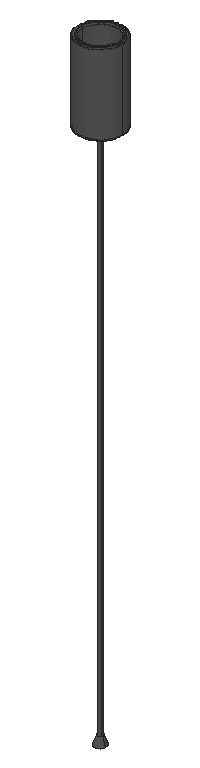
Revit family "CARLO CYLINDER LIGHT Pendant_ Surface", category Lighting Fixtures, host Face, Revit 2020 (continued)
Types (13): name | Wattage_Input | Wattage Comments | Wattage | built-in parameter 1150134 | Size 08 | Size 04 | Photometric Web File | built-in parameter 1150142 | Model | built-in parameter 1150105 | Lumens | built-in parameter 1150107 | built-in parameter 1150106 | Fixture Height | Fixture Diameter | BEAMING ANGLE | Apparent Load
    840.13 842.78 845.27 847.32 848.99 850.19 850.97 851.34 \r\n 849.27 \r\n2.1273 851.43 851.05 850.19 848.9 847.22 845.23 842.99 840.56 838.16 \r\n 835.39 831.76 827.84 824.21 820.32 815.71 810.63 805.11 799.3 793.34 \r\n 787.2 780.9 774.4 767.63 760.61 753.27 745.68 737.89 729.85 721.57 \r\n 712.92 703.62 694.15 685.11 675.81 665.55 654.93 644.37 633.67 622.84 \r\n 611.65 599.71 587.51 575.57 563.42 550.63 537.67 524.58 512.27 502.19 \r\n 492.84 483.06 473.24 463.21 453.58 445.17 437.11 428.67 420.25 412.07 \r\n 403.98 395.84 387.77 379.96 372.03 363.68 354.92 345.96 335.97 324.12 \r\n 310.55 295.09 277.77 258.13 237.54 217.37 197.07 176.31 155.79 136.09 \r\n 117.16 99.132 81.995 65.313 50.461 38.764 29.945 24.67 21.443 19.061 \r\n 17.32 15.525 13.945 12.621 11.547 10.767 10.169 9.6674 9.2287 8.7755 \r\n 8.35 7.9741 7.6307 7.3131 7.0113 6.7095 6.4176 6.1378 5.8764 5.6468 \r\n 5.429 5.2053 4.9822 4.7575 4.5399 4.3399 4.1489 3.9604 3.7776 3.6032 \r\n 3.4318 3.2567 3.0847 2.9179 2.7648 2.6442 2.5274 2.3834 2.2373 2.1055 \r\n 1.9822 1.87 1.7607 1.6436 1.5297 1.4273 1.3343 1.253 1.179 1.1109 \r\n 1.0418 0.9603 0.88301 0.82741 0.77961 0.7311 0.68331 0.63533 0.58574 0.52927 \r\n 0.47651 0.44062 0.40857 0.36893 0.32995 0.29586 0.26727 0.25096 0.23269 0.19232 \r\n 0.15433 0.14289 0.13884 0.13335 0.11958 0.079871 0.037838 0.01381 0 0 \r\n 0 0 0 0 0 0 0 0 0 0 \r\n 0 0 0 0 0 0 0 0 0.00012483 0.0064698 \r\n 0.013614 0.015356 0.020135 0.034399 0.05792 0.099347 0.13849 0.15186 0.15801 0.16602 \r\n 0.1808 0.21723 0.25452 0.26976 0.28422 0.31475 0.35165 0.39236 0.4323 0.46117 \r\n 0.49361 0.54591 0.60271 0.65228 0.69999 0.74662 0.79427 0.84307 0.89975 0.97666 \r\n 1.0572 1.1258 1.1951 1.2727 1.3586 1.4569 1.5644 1.6819 1.8023 1.9154 \r\n 2.0303 2.1536 2.2826 2.4196 2.5565 2.6804 2.8092 2.9601 3.1235 3.2979 \r\n 3.4755 3.6438 3.8147 3.9977 4.1873 4.3796 4.5795 4.7937 5.0141 5.2347 \r\n 5.4569 5.6761 5.9047 6.1544 6.423 6.7164 7.0218 7.3218 7.6358 7.9744 \r\n 8.3469 8.7727 9.2324 9.6958 10.214 10.787 11.536 12.604 13.925 15.492 \r\n 17.274 19.05 21.379 24.307 29.156 37.421 48.635 63.323 80 97.213 \r\n 115.39 134.54 154.42 174.97 195.63 215.77 235.62 255.46 274.51 292.09 \r\n 308.11 322.21 334.51 344.67 353.69 362.51 370.91 378.89 386.73 394.75 \r\n 402.87 411.1 419.44 427.96 436.45 444.46 452.77 462.29 472.24 482.07 \r\n 491.97 501.65 512.02 524.36 537.39 550.32 563.1 575.23 587.22 599.64 \r\n 611.74 622.76 633.4 644.22 654.86 665.14 675.01 684.14 693.13 702.78 \r\n 712.2 720.51 728.46 736.66 744.61 751.87 758.88 765.98 773 779.95 \r\n 786.61 792.6 798.33 804.12 809.73 815.04 819.91 824.04 827.84 831.76 \r\n 835.34 838.06 840.45 843.01 845.39 847.43 849.11 850.33 851.12 851.46 \r\n 849.27 \r\n2.1273 851.54 851.21 850.4 849.16 847.47 845.45 843.18 840.71 838.29 \r\n 835.5 831.82 827.85 824.21 820.27 815.51 810.28 804.7 798.88 793.07 \r\n 787.03 780.59 773.87 766.94 759.84 752.68 745.29 737.43 729.33 721.24 \r\n 712.75 703.26 693.6 684.74 675.71 665.64 655.14 644.57 633.86 623.24 \r\n 612.22 600.13 587.75 575.84 563.78 551.06 538.16 525.02 512.63 502.42 \r\n 492.94 483.1 473.26 463.23 453.62 445.26 437.23 428.77 420.28 411.97 \r\n 403.74 395.59 387.53 379.69 371.73 363.4 354.66 345.68 335.59 323.45 \r\n 309.62 294.15 276.99 257.71 237.43 217.19 196.73 175.91 155.39 135.82 \r\n 117.04 99.178 82.078 65.005 49.793 38.256 29.73 24.637 21.535 19.168 \r\n 17.4 15.594 14.005 12.678 11.604 10.827 10.231 9.7241 9.2775 8.8152 \r\n 8.3821 8.0046 7.6619 7.3464 7.0451 6.7366 6.4382 6.1601 5.9018 5.6719 \r\n 5.453 5.2281 5.0043 4.7806 4.564 4.3632 4.1715 3.9842 3.803 3.6297 \r\n 3.4585 3.2807 3.1061 2.9392 2.7862 2.6632 2.5452 2.4064 2.2657 2.1342 \r\n 2.0095 1.8962 1.7849 1.6634 1.5449 1.4399 1.3448 1.2606 1.1844 1.1165 \r\n 1.0478 0.96594 0.88816 0.83215 0.78407 0.7355 0.68789 0.64066 0.59152 0.53381 \r\n 0.48011 0.446 0.41583 0.37581 0.33585 0.301 0.27208 0.25676 0.23949 0.19875 \r\n 0.16007 0.14815 0.14404 0.14007 0.12716 0.08479 0.039581 0.014317 0 0 \r\n 0 0 0 0 0 0 0 0 0 0 \r\n 0 0 0 0 0 0 0 0 0 0 \r\n 0 0 0 0.014317 0.039581 0.08479 0.12716 0.14007 0.14404 0.14815 \r\n 0.16007 0.19875 0.23949 0.25676 0.27208 0.301 0.33585 0.37581 0.41583 0.446 \r\n 0.48011 0.53381 0.59152 0.64066 0.68789 0.7355 0.78407 0.83215 0.88816 0.96594 \r\n 1.0478 1.1165 1.1844 1.2606 1.3448 1.4399 1.5449 1.6634 1.7849 1.8962 \r\n 2.0095 2.1342 2.2657 2.4064 2.5452 2.6632 2.7862 2.9392 3.1061 3.2807 \r\n 3.4585 3.6297 3.803 3.9842 4.1715 4.3632 4.564 4.7806 5.0043 5.2281 \r\n 5.453 5.6719 5.9018 6.1601 6.4382 6.7366 7.0451 7.3464 7.6619 8.0046 \r\n 8.3821 8.8152 9.2775 9.7241 10.231 10.827 11.604 12.678 14.005 15.594 \r\n 17.4 19.168 21.535 24.637 29.73 38.256 49.793 65.005 82.078 99.178 \r\n 117.04 135.82 155.39 175.91 196.73 217.19 237.43 257.71 276.99 294.15 \r\n 309.62 323.45 335.59 345.68 354.66 363.4 371.73 379.69 387.53 395.59 \r\n 403.74 411.97 420.28 428.77 437.23 445.26 453.62 463.23 473.26 483.1 \r\n 492.94 502.42 512.63 525.02 538.16 551.06 563.78 575.84 587.75 600.13 \r\n 612.22 623.24 633.86 644.57 655.14 665.64 675.71 684.74 693.6 703.26 \r\n 712.75 721.24 729.33 737.43 745.29 752.68 759.84 766.94 773.87 780.59 \r\n 787.03 793.07 798.88 804.7 810.28 815.51 820.27 824.21 827.85 831.82 \r\n 835.5 838.29 840.71 843.18 845.45 847.47 849.16 850.4 851.21 851.54 \r\n 849.27 \r\n2.1273 851.46 851.12 850.33 849.11 847.43 845.39 843.01 840.45 838.06 \r\n 835.34 831.76 827.84 824.04 819.91 815.04 809.73 804.12 798.33 792.6 \r\n 786.61 779.95 773 765.98 758.88 751.87 744.61 736.66 728.46 720.51 \r\n 712.2 702.78 693.13 684.14 675.01 665.14 654.86 644.22 633.4 622.76 \r\n 611.74 599.64 587.22 575.23 563.1 550.32 537.39 524.36 512.02 501.65 \r\n 491.97 482.07 472.24 462.29 452.77 444.46 436.45 427.96 419.44 411.1 \r\n 402.87 394.75 386.73 378.89 370.91 362.51 353.69 344.67 334.51 322.21 \r\n 308.11 292.09 274.51 255.46 235.62 215.77 195.63 174.97 154.42 134.54 \r\n 115.39 97.213 80 63.323 48.635 37.421 29.156 24.307 21.379 19.05 \r\n 17.274 15.492 13.925 12.604 11.536 10.787 10.214 9.6958 9.2324 8.7727 \r\n 8.3469 7.9744 7.6358 7.3218 7.0218 6.7164 6.423 6.1544 5.9047 5.6761 \r\n 5.4569 5.2347 5.0141 4.7937 4.5795 4.3796 4.1873 3.9977 3.8147 3.6438 \r\n 3.4755 3.2979 3.1235 2.9601 2.8092 2.6804 2.5565 2.4196 2.2826 2.1536 \r\n 2.0303 1.9154 1.8023 1.6819 1.5644 1.4569 1.3586 1.2727 1.1951 1.1258 \r\n 1.0572 0.97666 0.89975 0.84307 0.79427 0.74662 0.69999 0.65228 0.60271 0.54591 \r\n 0.49361 0.46117 0.4323 0.39236 0.35165 0.31475 0.28422 0.26976 0.25452 0.21723 \r\n 0.1808 0.16602 0.15801 0.15186 0.13849 0.099347 0.05792 0.034399 0.020135 0.015356 \r\n 0.013614 0.0064698 0.00012483 0 0 0 0 0 0 0 \r\n 0 0 0 0 0 0 0 0 0 0 \r\n 0 0 0 0.01381 0.037838 0.079871 0.11958 0.13335 0.13884 0.14289 \r\n 0.15433 0.19232 0.23269 0.25096 0.26727 0.29586 0.32995 0.36893 0.40857 0.44062 \r\n 0.47651 0.52927 0.58574 0.63533 0.68331 0.7311 0.77961 0.82741 0.88301 0.9603 \r\n 1.0418 1.1109 1.179 1.253 1.3343 1.4273 1.5297 1.6436 1.7607 1.87 \r\n 1.9822 2.1055 2.2373 2.3834 2.5274 2.6442 2.7648 2.9179 3.0847 3.2567 \r\n 3.4318 3.6032 3.7776 3.9604 4.1489 4.3399 4.5399 4.7575 4.9822 5.2053 \r\n 5.429 5.6468 5.8764 6.1378 6.4176 6.7095 7.0113 7.3131 7.6307 7.9741 \r\n 8.35 8.7755 9.2287 9.6674 10.169 10.767 11.547 12.621 13.945 15.525 \r\n 17.32 19.061 21.443 24.67 29.945 38.764 50.461 65.313 81.995 99.132 \r\n 117.16 136.09 155.79 176.31 197.07 217.37 237.54 258.13 277.77 295.09 \r\n 310.55 324.12 335.97 345.96 354.92 363.68 372.03 379.96 387.77 395.84 \r\n 403.98 412.07 420.25 428.67 437.11 445.17 453.58 463.21 473.24 483.06 \r\n 492.84 502.19 512.27 524.58 537.67 550.63 563.42 575.57 587.51 599.71 \r\n 611.65 622.84 633.67 644.37 654.93 665.55 675.81 685.11 694.15 703.62 \r\n 712.92 721.57 729.85 737.89 745.68 753.27 760.61 767.63 774.4 780.9 \r\n 787.2 793.34 799.3 805.11 810.63 815.71 820.32 824.21 827.84 831.76 \r\n 835.39 838.16 840.56 842.99 845.23 847.22 848.9 850.19 851.05 851.43 \r\n 849.27 \r\n2.1273 851.34 850.97 850.19 848.99 847.32 845.27 842.78 840.13 837.76 \r\n 835.12 831.68 827.82 823.85 819.5 814.51 809.13 803.52 797.76 792.12 \r\n 786.15 779.3 772.14 765.05 757.96 751.09 743.95 735.91 727.63 719.79 \r\n 711.64 702.35 692.75 683.57 674.28 664.6 654.53 643.84 632.89 622.19 \r\n 611.14 599.04 586.62 574.54 562.31 549.45 536.48 523.57 511.33 500.78 \r\n 490.91 480.96 471.16 461.31 451.9 443.62 435.62 427.11 418.57 410.23 \r\n 402.01 393.94 385.96 378.13 370.12 361.64 352.73 343.68 333.46 321.05 \r\n 306.71 290.05 271.96 253.1 233.7 214.31 194.57 174.09 153.52 133.27 \r\n 113.67 95.099 77.742 61.586 47.556 36.671 28.633 24 21.221 18.922 \r\n 17.137 15.38 13.836 12.519 11.455 10.734 10.184 9.6532 9.1724 8.7176 \r\n 8.3016 7.9345 7.5998 7.2867 6.988 6.6875 6.4012 6.1432 5.9027 5.6752 \r\n 5.4557 5.2368 5.0203 4.8033 4.5918 4.3931 4.2007 4.008 3.8226 3.6542 \r\n 3.4892 3.3124 3.1388 2.9795 2.8308 2.6958 2.5656 2.4297 2.296 2.1696 \r\n 2.048 1.9312 1.8163 1.6984 1.5831 1.4735 1.3723 1.2849 1.2063 1.1358 \r\n 1.0667 0.98796 0.91235 0.85489 0.80519 0.75853 0.71291 0.66437 0.61414 0.55876 \r\n 0.50836 0.47736 0.44946 0.40978 0.36853 0.32945 0.29708 0.2832 0.26993 0.23687 \r\n 0.20338 0.18538 0.17281 0.16381 0.14973 0.11493 0.078522 0.057035 0.04264 0.034899 \r\n 0.028157 0.013318 0.00025817 0 0 0 0 0 0 0 \r\n 0 0 0 0 0 0 0 0 0 0 \r\n 0 0 0.00095128 0.016297 0.040673 0.078343 0.11388 0.12874 0.13652 0.14151 \r\n 0.1531 0.1896 0.22859 0.24766 0.26507 0.29369 0.32738 0.36527 0.40434 0.43839 \r\n 0.47606 0.52732 0.58202 0.63227 0.6813 0.72917 0.77752 0.82527 0.88062 0.95707 \r\n 1.0378 1.1071 1.1753 1.2473 1.326 1.4172 1.5171 1.6253 1.737 1.8444 \r\n 1.956 2.0775 2.2092 2.3606 2.5098 2.6268 2.746 2.8988 3.0647 3.2335 \r\n 3.4057 3.5766 3.7517 3.9367 4.127 4.3173 4.5161 4.7343 4.9592 5.1807 \r\n 5.4025 5.6192 5.8482 6.1114 6.3909 6.6744 6.9678 7.2703 7.5903 7.9339 \r\n 8.3068 8.722 9.1639 9.5972 10.095 10.692 11.472 12.547 13.868 15.434 \r\n 17.214 18.928 21.325 24.681 30.137 39.235 51.045 65.385 81.548 98.759 \r\n 117.04 136.22 156.11 176.63 197.27 217.32 237.33 258.19 278.19 295.78 \r\n 311.36 324.66 336.16 346.06 355.01 363.8 372.2 380.1 387.87 395.96 \r\n 404.08 412.04 420.08 428.44 436.86 444.96 453.42 463.05 473.05 482.82 \r\n 492.54 501.81 511.8 523.99 537.01 550.03 562.93 575.19 587.17 599.17 \r\n 610.95 622.34 633.42 644.12 654.67 665.39 675.83 685.46 694.74 704 \r\n 713.05 721.86 730.34 738.33 746.07 753.85 761.35 768.29 774.88 781.19 \r\n 787.35 793.59 799.67 805.47 810.9 815.84 820.3 824.19 827.82 831.67 \r\n 835.22 837.95 840.33 842.73 844.95 846.92 848.59 849.9 850.82 851.26 \r\n 849.27 \r\n2.1273 851.19 850.78 850.01 848.83 847.18 845.11 842.53 839.8 837.45 \r\n 834.87 831.57 827.79 823.65 819.07 813.97 808.54 802.93 797.2 791.63 \r\n 785.68 778.68 771.35 764.2 757.12 750.38 743.36 735.25 726.89 719.15 \r\n 711.13 702.01 692.5 683.1 673.6 664.09 654.22 643.48 632.42 621.64 \r\n 610.53 598.45 586.05 573.89 561.55 548.59 535.59 522.81 510.68 499.99 \r\n 489.94 479.96 470.19 460.45 451.14 442.89 434.89 426.38 417.84 409.52 \r\n 401.33 393.31 385.38 377.56 369.53 360.97 351.97 342.88 332.61 320.15 \r\n 305.62 288.33 269.69 250.97 231.96 213.02 193.69 173.42 152.84 132.22 \r\n 112.14 93.162 75.649 60.049 46.704 36.112 28.246 23.777 21.104 18.821 \r\n 17.022 15.285 13.761 12.442 11.378 10.68 10.149 9.6054 9.1086 8.6598 \r\n 8.2542 7.8918 7.56 7.2472 6.9496 6.655 6.3767 6.129 5.8971 5.6705 \r\n 5.4503 5.2351 5.0228 4.809 4.5999 4.4029 4.2107 4.0148 3.8265 3.6604 \r\n 3.4989 3.3233 3.1509 2.9952 2.8485 2.7079 2.5718 2.4365 2.3052 2.1812 \r\n 2.0611 1.9424 1.8258 1.711 1.5988 1.4879 1.3844 1.2959 1.2165 1.1447 \r\n 1.0751 0.99844 0.92448 0.86619 0.81541 0.76969 0.72501 0.67538 0.62431 0.57063 \r\n 0.52239 0.49246 0.46516 0.42589 0.38434 0.34318 0.30895 0.29528 0.28368 0.25511 \r\n 0.2249 0.20371 0.1865 0.17443 0.15952 0.12943 0.098451 0.07899 0.064342 0.053512 \r\n 0.041771 0.01969 0.000383 0 0 0 0 0 0 0 \r\n 0 0 0 0 0 0 0 0 0 0 \r\n 0 0.0014155 0.0077906 0.024167 0.047468 0.079878 0.11065 0.12668 0.13718 0.14385 \r\n 0.15612 0.19058 0.22745 0.2471 0.26564 0.29462 0.32821 0.36495 0.4033 0.43931 \r\n 0.47868 0.52808 0.5807 0.63169 0.68194 0.72988 0.77806 0.82597 0.88126 0.95667 \r\n 1.0364 1.1055 1.1737 1.2444 1.3209 1.4107 1.5082 1.6105 1.7164 1.8223 \r\n 1.9336 2.0533 2.1846 2.3405 2.4946 2.6126 2.7315 2.8836 3.0479 3.2137 \r\n 3.3831 3.5531 3.7287 3.9159 4.1082 4.2978 4.4953 4.7135 4.9382 5.1576 \r\n 5.3772 5.5927 5.821 6.0846 6.3625 6.6367 6.9215 7.2249 7.5475 7.8907 \r\n 8.2599 8.6632 9.0934 9.5234 10.021 10.614 11.391 12.467 13.786 15.335 \r\n 17.098 18.787 21.201 24.69 30.318 39.659 51.531 65.299 80.901 98.207 \r\n 116.79 136.25 156.35 176.85 197.35 217.1 236.91 257.97 278.3 296.24 \r\n 312.02 325.02 336.16 345.97 354.92 363.75 372.19 380.09 387.85 395.94 \r\n 404.06 411.91 419.83 428.13 436.54 444.69 453.2 462.79 472.73 482.45 \r\n 492.13 501.37 511.3 523.37 536.3 549.39 562.41 574.78 586.81 598.62 \r\n 610.25 621.84 633.16 643.89 654.42 665.23 675.81 685.8 695.34 704.39 \r\n 713.19 722.14 730.81 738.78 746.49 754.42 762.06 768.92 775.35 781.48 \r\n 787.5 793.82 800.01 805.76 811.1 815.89 820.24 824.15 827.82 831.58 \r\n 835.02 837.71 840.06 842.44 844.65 846.59 848.25 849.59 850.55 851.07 \r\n 849.27 \r\n2.1273 851.04 850.59 849.83 848.66 847.01 844.93 842.3 839.52 837.16 \r\n 834.63 831.46 827.77 823.46 818.67 813.46 807.97 802.37 796.67 791.16 \r\n 785.23 778.14 770.7 763.5 756.43 749.81 742.91 734.75 726.33 718.65 \r\n 710.75 701.81 692.39 682.78 673.08 663.69 653.99 643.22 632.08 621.21 \r\n 610.04 598 585.63 573.4 560.96 547.92 534.88 522.22 510.2 499.41 \r\n 489.24 479.24 469.51 459.87 450.66 442.43 434.43 425.94 417.42 409.12 \r\n 400.97 393.02 385.14 377.32 369.28 360.64 351.57 342.45 332.15 319.69 \r\n 305.03 287.17 268.04 249.4 230.7 212.16 193.19 173.1 152.52 131.58 \r\n 111.09 91.73 74.068 58.967 46.226 35.853 28.083 23.7 21.071 18.781 \r\n 16.963 15.234 13.72 12.394 11.323 10.637 10.117 9.5617 9.0522 8.6091 \r\n 8.2128 7.8533 7.5224 7.2093 6.9126 6.6237 6.3532 6.1143 5.8894 5.6628 \r\n 5.4416 5.2297 5.0214 4.8102 4.6031 4.408 4.2165 4.0175 3.8265 3.6622 \r\n 3.5036 3.3295 3.1585 3.0057 2.8603 2.7154 2.5747 2.4394 2.3097 2.1874 \r\n 2.0684 1.9476 1.8296 1.7182 1.6095 1.4982 1.3932 1.3043 1.2245 1.1514 \r\n 1.0811 1.0067 0.93465 0.87551 0.82355 0.77858 0.73464 0.68376 0.63175 0.57982 \r\n 0.5337 0.50436 0.47724 0.43848 0.39692 0.35403 0.31813 0.30419 0.29369 0.26936 \r\n 0.24242 0.21848 0.19713 0.18222 0.1665 0.14077 0.11477 0.09703 0.082068 0.068548 \r\n 0.052601 0.02473 0.00048217 0 0 0 0 0 0 0 \r\n 0 0 0 0 0 0 0 0 0 0 \r\n 0 0.0064301 0.017831 0.035526 0.057602 0.084628 0.11048 0.12761 0.1409 0.14977 \r\n 0.16314 0.19524 0.22952 0.24953 0.26917 0.29876 0.33253 0.36812 0.40562 0.44341 \r\n 0.48429 0.53167 0.58213 0.63383 0.68533 0.73337 0.78147 0.82977 0.88518 0.95955 \r\n 1.0381 1.107 1.1749 1.2444 1.3197 1.4088 1.5045 1.6011 1.7016 1.8065 \r\n 1.9178 2.036 2.1668 2.3259 2.4838 2.6037 2.7232 2.8743 3.0367 3.1999 \r\n 3.3669 3.5361 3.7118 3.9009 4.0949 4.2839 4.4803 4.6979 4.9217 5.1391 \r\n 5.3565 5.5709 5.7982 6.0611 6.3366 6.6021 6.879 7.1837 7.509 7.8514 \r\n 8.2164 8.608 9.0271 9.4561 9.9542 10.544 11.317 12.394 13.712 15.244 \r\n 16.989 18.657 21.092 24.715 30.501 40.02 51.902 65.131 80.219 97.627 \r\n 116.5 136.22 156.5 176.96 197.31 216.78 236.37 257.56 278.15 296.45 \r\n 312.47 325.19 335.95 345.68 354.64 363.51 372 379.91 387.68 395.8 \r\n 403.91 411.71 419.55 427.81 436.21 444.43 452.99 462.52 472.36 482.02 \r\n 491.67 500.94 510.89 522.84 535.68 548.84 561.97 574.43 586.51 598.17 \r\n 609.68 621.45 632.98 643.73 654.26 665.11 675.82 686.13 695.94 704.79 \r\n 713.37 722.44 731.28 739.25 746.96 755.01 762.73 769.53 775.83 781.8 \r\n 787.71 794.07 800.31 805.99 811.22 815.89 820.15 824.11 827.83 831.49 \r\n 834.81 837.45 839.78 842.16 844.36 846.28 847.92 849.27 850.27 850.86 \r\n 849.27 \r\n2.1273 850.92 850.46 849.72 848.58 846.91 844.81 842.23 839.5 837.08 \r\n 834.48 831.39 827.75 823.35 818.43 813.13 807.59 801.97 796.29 790.79 \r\n 784.9 777.88 770.48 763.24 756.14 749.64 742.86 734.73 726.32 718.67 \r\n 710.81 701.97 692.64 682.94 673.13 663.75 654.08 643.37 632.27 621.39 \r\n 610.18 598.16 585.81 573.57 561.12 548.07 535.03 522.41 510.45 499.72 \r\n 489.6 479.66 469.97 460.36 451.18 442.95 434.96 426.53 418.08 409.84 \r\n 401.75 393.87 386.05 378.26 370.21 361.56 352.46 
